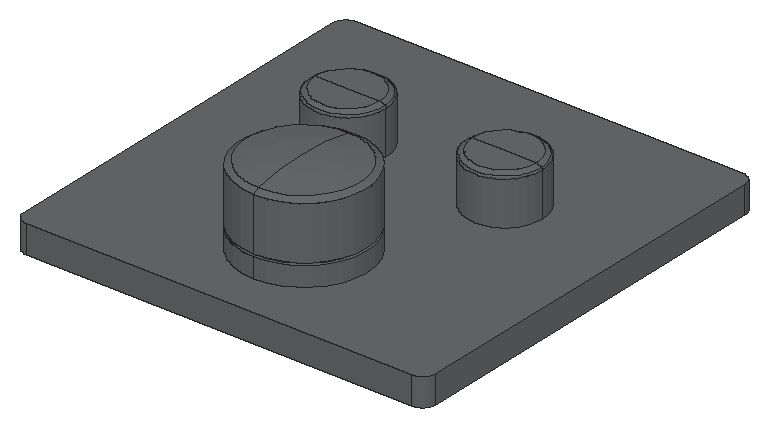
Revit family "Grohe_ThermostatForConcealed_102166KF00", category Plumbing Fixtures, host Face, Revit 2020
Family settings
  Host = Face
  Round Connector Dimension = Use Diameter
  Part Type = Normal
  OmniClass Number = 23.45.05.00
  OmniClass Title = Sanitary Equipment
  Cut with Voids When Loaded = No
  Shared = No
  Room Calculation Point = No
Parameters (values of type "Thermostat For Concealed (102166KF00)")
  _ObjectUserGuide = "https://www.bimstore.co/products/grohe-102166kf00/document/object-user-guide"
  _DistributedBy = "https://www.bimstore.co/"
  _CurrentRevision = 1
  _CreatedBy = "https://www.bimstore.co/"
  _BimSpecGuid = 0
  _BSBibleVersion = 17
  _AuthorizedBy = "bimstore"
  _Author = "RL 171"
  WarrantyStartDate [instance] = "Please Record on Commissioning"
  WarrantyGuarantorParts = "info-uk@grohe.com"
  WarrantyGuarantorLabor = "info-uk@grohe.com"
  WarrantyDurationUnit = "Years"
  WarrantyDurationParts = "0"
  WarrantyDurationLabor = "0"
  WarrantyDescription = "n/a"
  URL = "https://www.grohe.co.uk/en_gb/-102166KF00.html"
  TypeName = "Thermostat For Concealed"
  Type Comments = "Thermostat For Concealed"
  TPIDocumentLink = "https://cdn.cloud.grohe.com/tpi/2000/2100/2190/2199/2199819/original/2199819.pdf"
  SustainabilityReport = "green.grohe.com/reporting"
  SustainabilityAward = "green.grohe.com/awards"
  SpareParts = "info-uk@grohe.com"
  Size = "n/a"
  Shape = "n/a"
  SerialNumber [instance] = "Please Record on Commissioning"
  ReplacementCost = "n/a"
  ReferencedStandard = "n/a"
  ProductionYear = "2023"
  ProductType = "Thermostat"
  ProductShortText = "Thermostat for concealed installation with 2 valves"
  ProductNumber = "102166KF00"
  ProductDescription = "set for final installation for GROHE Rapido SmartBox (35 600/35 604)\r\n\r\nmetal wall escutcheon with GROHE FastFixation (covered escutcheon and shaft sealing, covered fixing), retroactively 6° adjustable\r\n\r\nGROHE Long-Life finish\r\n\r\nGROHE SmartControl push for ON-OFF, turn for volume adjustment from GROHE Water Saving to Full Flow, exchangeable symbols\r\n\r\nGROHE TurboStat compact cartridge with wax thermoelement\r\n\r\nGROHE ProGrip with knurl structure\r\n\r\nGROHE SafeStop safety button at 38°C\r\n\r\nGROHE SafeStop Plus optional temperature limiter at 43°C or 46°C included\r\n\r\nbuilt-in non return valves and dirt strainers\r\n\r\nmultiple outlets can be run simultaneously\r\n\r\nwithout roughing-in set\r\n\r\nflow performance: outlet B = 24 l/min, outlet C = 26 l/min, outlet B+C = 29 l/min"
  PrimaryMaterial = Grohe_Black
  PQDiagramLink = "https://cdn.cloud.grohe.com/PQCharts/lores/1/102/original/102166KF00-pqchart-en_GB.svg"
  NominalLength = 0 mm
  NominalHeight = 0 mm
  NominalDepth = 0 mm
  NBSReference = "45-35-70/254"
  NBSOfficeMasterTag = "n/a"
  NBSObjectName = "Grohe - Shower fittings package"
  NBSNote = "n/a"
  NBSDescription = "Shower fittings package"
  ModelReference = "Thermostat For Concealed"
  ModelNumber = "102166KF00"
  Model = "Thermostat For Concealed"
  Material = "n/a"
  ManufacturerName = "Grohe"
  Manufacturer = "Grohe"
  Keynote = "N16"
  InstallationVideo = "n/a"
  InstallationDate [instance] = "Please Record on Commissioning"
  IfcExportType = "IfcPipeFittingType"
  IfcExportAs = "IfcPipeFitting"
  Grade = "n/a"
  GROHESustainability = "green.grohe.com"
  GROHESocialCommittment = "green.grohe.com/social_engagement"
  FullRecyclabilityOfPlastic = "All plastic components are fully recycable"
  Finish = "Black"
  Features = "n/a"
  ExpectedLife = 0
  Ecojoy = no
  DurationUnit = "Years"
  DocumentationTechnical = "https://www.bimstore.co/products/grohe-102166kf00/document/technical-data-sheet"
  DocumentationMaintenance = "https://www.bimstore.co/products/grohe-102166kf00/document/maintenance-information"
  DocumentationLiterature = "https://www.bimstore.co/products/grohe-102166kf00/document/product-literature"
  DocumentationInstallationGuide = "https://www.bimstore.co/products/grohe-102166kf00/document/installation-guide"
  DocumentationCertificates = "https://www.bimstore.co/products/grohe-102166kf00/document/product-certificates"
  DimensionsDocumentLink = "https://cdn.cloud.grohe.com/dimdraw/2000/2000/2060/2065/2065571/1280/2065571.jpg"
  Description = "Thermostat For Concealed"
  Default Elevation = 0 mm
  CreatedOn = "2023-12-05T:09:00:00"
  CreatedBy = "info-uk@grohe.com"
  CradleToCradleCertification = "n/a"
  Cost = 0
  Constituents = "n/a"
  Color = "Grohe_Black"
  CodePerformance = "n/a"
  ClassificationValue = "Pr_40_20_87_55"
  ClassificationName = "Uniclass2015"
  CO2NeutralProduction = "GROHE is one of the first leading manufacturer within the sanitary industry having a CO2-neutral production."
  BarCode [instance] = "Please Record on Commissioning"
  BIMObjectName = "Grohe_ThermostatForConcealed_102166KF00"
  AssetType = "Fixed"
  AssetIdentifier [instance] = "n/a"
  Assembly Code = "D2013"
  AccessibilityPerformance = "n/a"
Reference planes
  plane 1 "Center (Front/Back)": y = 0
  plane 2: z = 0
  plane 3 "Center (Left/Right)": x = 0
Forms (mm)
  Extrusion 1, solid, material "Grohe_Black" <- "PrimaryMaterial"
    sketch origin (0, 0, 0) x (1, 0, 0) y (0, 1, 0)
      loop
        line (73.708, 78.982) -> (-73.982, 78.982)
        arc (-73.982, 78.982) -> (-77.517, 77.517) -> (-78.982, 73.982) r 5
        line (-78.982, 73.982) -> (-78.982, -73.982)
        arc (-78.982, -73.982) -> (-77.517, -77.517) -> (-73.982, -78.982) r 5
        line (-73.982, -78.982) -> (73.708, -78.982)
        arc (73.708, -78.982) -> (77.244, -77.517) -> (78.708, -73.982) r 5
        line (78.708, -73.982) -> (78.708, 73.982)
        arc (78.708, 73.982) -> (77.244, 77.517) -> (73.708, 78.982) r 5
    from 0 to 10.5
  Revolve 2, solid, material "Grohe_Black" <- "PrimaryMaterial"
    sketch origin (-0.137, 2.249, -0.539) x (0, 1, 0) y (0, 0, 1)
      loop
        line (-64.839, 18.44) -> (-64.839, 2.54) -> (-40.734, 2.54) -> (-40.734, 43.442)
        arc (-40.734, 43.442) -> (-51.63, 42.852) -> (-62.399, 41.09) r 100.953
        line (-62.399, 41.09) -> (-64.749, 39.706) -> (-64.749, 19.44) -> (-63.349, 19.44) -> (-63.349, 18.44) -> (-64.839, 18.44)
      axis (-40.734, 43.442) -> (-40.734, 2.54)
    angle from 0 to 360
  Extrusion 3, solid, material "Grohe_Black" <- "PrimaryMaterial"
    sketch origin (0, -67.893, 0) x (1, 0, 0) y (0, 0, 1)
      loop
        circle (0, 29.733) r 7.787
    from -54.636 to -45.91
  Revolve 4, solid, material "Grohe_Black" <- "PrimaryMaterial"
    sketch origin (0, 20, 0) x (1, 0, 0) y (0, 0, 1)
      loop
        line (-30, 28.902) -> (-42.249, 28.902) -> (-44.063, 27.854)
        arc (-44.063, 27.854) -> (-44.382, 27.535) -> (-44.499, 27.099) r 0.872
        line (-44.499, 27.099) -> (-44.499, 10.5) -> (-30, 10.5) -> (-30, 28.902)
      axis (-30, 28.902) -> (-30, 10.5)
    angle from 0 to 360
  Revolve 5, solid, material "Grohe_Black" <- "PrimaryMaterial"
    sketch origin (60, 20, 0) x (1, 0, 0) y (0, 0, 1)
      loop
        line (-30, 28.902) -> (-42.249, 28.902) -> (-44.063, 27.854)
        arc (-44.063, 27.854) -> (-44.382, 27.535) -> (-44.499, 27.099) r 0.872
        line (-44.499, 27.099) -> (-44.499, 10.5) -> (-30, 10.5) -> (-30, 28.902)
      axis (-30, 28.902) -> (-30, 10.5)
    angle from 0 to 360
Cuts and joins
  joined: Extrusion 1, Revolve 2
Dimensions and locks
  aligned and locked: plane 2 to host face
  aligned and locked: level to host face
